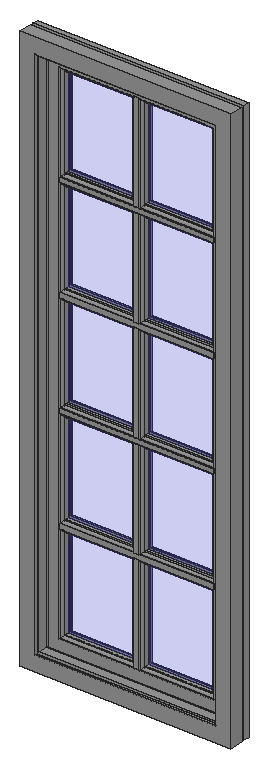
Revit family "MA1SP LH", category Windows, host Wall, Revit 2015
Parameters (values of type "MA1SP LH")
  Height = 1461 mm
  Default Lintel Height = 2100 mm
  Wall Closure = By host
  Width = 542 mm
Reference planes
  plane 1 "Center (Front/Back)": y = 0
  plane 2 "Center (Left/Right)": x = 0
  plane 3 "Left": x = -271
  plane 4 "Right": x = 271
  plane 5 "Sill": z = 639
  plane 6 "Head": z = 2100
  plane 7 "Exterior": y = 100
  plane 8 "Interior": y = -100
  plane 9: y = -28.5
  plane 10: y = 23.5
Forms (mm)
  Sweep 1, solid, material "Lauan, Meranti"
    path origin (0, 100, 0) x (1, 0, 0) y (0, 0, 1)
      loop
        line (271, 2100) -> (-271, 2100) -> (-271, 639) -> (271, 639) -> (271, 2100)
    profile origin (0, 100, 2100) x (0, 0, -1) y (0, -1, 0)
      loop
        line (0, 71.5) -> (29, 71.5) -> (29, 96.5) -> (37.5, 96.5) -> (37.5, 102.5) -> (40.5, 102.5) -> (40.5, 96.5) -> (44, 96.5) -> (44, 122.5) -> (39, 122.5) -> (39, 128.5) -> (0, 128.5) -> (0, 94.5) -> (10, 94.5) -> (10, 86.5) -> (0, 86.5) -> (0, 71.5)
  Sweep 2, solid, material "Rubber"
    path origin (0, 100, 0) x (1, 0, 0) y (0, 0, 1)
      loop
        line (233.5, 2062.5) -> (-233.5, 2062.5) -> (-233.5, 676.5) -> (233.5, 676.5) -> (233.5, 2062.5)
    profile origin (0, 100, 2062.5) x (0, 0, -1) y (0, -1, 0)
      loop
        line (1.5, 91.5) -> (6.5, 93.5) -> (6.5, 96.5) -> (2.5, 96.5) -> (2.5, 98.93) -> (3.5, 98.93) -> (2.5, 99.198) -> (2.5, 100.964) -> (3.5, 100.964) -> (1.5, 101.5) -> (-0.5, 100.964) -> (0.5, 100.964) -> (0.5, 99.198) -> (-0.5, 98.93) -> (0.5, 98.93) -> (0.5, 96.5) -> (-3.5, 96.5) -> (-3.5, 93.5) -> (1.5, 91.5)
  Sweep 3, solid, material "Lauan, Meranti"
    path origin (0, 100, 0) x (1, 0, 0) y (0, 0, 1)
      loop
        line (242, 2071) -> (-242, 2071) -> (-242, 668) -> (242, 668) -> (242, 2071)
    profile origin (0, 100, 2071) x (0, 0, -1) y (0, -1, 0)
      loop
        arc (-5, 57.5) -> (-3.242, 53.257) -> (1, 51.5) r 6
        line (1, 51.5) -> (43, 51.5) -> (43, 76.5) -> (52, 76.5) -> (52, 84.5) -> (49, 84.5)
        arc (49, 84.5) -> (47.243, 88.743) -> (43, 90.5) r 6
        line (43, 90.5) -> (43, 93.5) -> (10, 93.5) -> (10, 89.5) -> (12, 89.5) -> (12, 84.5) -> (14, 83.964) -> (14, 79.036) -> (12, 78.5) -> (12, 71.5) -> (-5, 71.5) -> (-5, 57.5)
  Extrusion 4, solid, material "Lauan, Meranti"
    sketch origin (-0.311, 25, 184.173) x (1, 0, 0) y (0, 1, 0)
      loop
        line (-6.5, 23.5) -> (-6.5, -1.5) -> (-15.5, -1.5) -> (-15.5, -9.5) -> (-12.5, -9.5)
        arc (-12.5, -9.5) -> (-10.743, -13.743) -> (-6.5, -15.5) r 6
        line (-6.5, -15.5) -> (-6.5, -18.5) -> (6.5, -18.5) -> (6.5, -15.5)
        arc (6.5, -15.5) -> (10.743, -13.743) -> (12.5, -9.5) r 6
        line (12.5, -9.5) -> (15.5, -9.5) -> (15.5, -1.5) -> (6.5, -1.5) -> (6.5, 23.5) -> (-6.5, 23.5)
    from 1590.827 to 1843.827
  Extrusion 5, solid, material "Lauan, Meranti"
    sketch origin (-270.924, 0, -15.839) x (0, -1, 0) y (0, 0, 1)
      loop
        line (-48.5, 1777.838) -> (-23.5, 1777.838) -> (-23.5, 1768.838) -> (-15.5, 1768.838) -> (-15.5, 1771.838)
        arc (-15.5, 1771.838) -> (-11.257, 1773.596) -> (-9.5, 1777.838) r 6
        line (-9.5, 1777.838) -> (-6.5, 1777.838) -> (-6.5, 1790.838) -> (-9.5, 1790.838)
        arc (-9.5, 1790.838) -> (-11.257, 1795.081) -> (-15.5, 1796.838) r 6
        line (-15.5, 1796.838) -> (-15.5, 1799.838) -> (-23.5, 1799.838) -> (-23.5, 1790.838) -> (-48.5, 1790.838) -> (-48.5, 1777.838)
      loop
        line (-48.5, 1511.838) -> (-23.5, 1511.838) -> (-23.5, 1502.838) -> (-15.5, 1502.838) -> (-15.5, 1505.838)
        arc (-15.5, 1505.838) -> (-11.257, 1507.596) -> (-9.5, 1511.838) r 6
        line (-9.5, 1511.838) -> (-6.5, 1511.838) -> (-6.5, 1524.838) -> (-9.5, 1524.838)
        arc (-9.5, 1524.838) -> (-11.257, 1529.081) -> (-15.5, 1530.838) r 6
        line (-15.5, 1530.838) -> (-15.5, 1533.838) -> (-23.5, 1533.838) -> (-23.5, 1524.838) -> (-48.5, 1524.838) -> (-48.5, 1511.838)
      loop
        line (-48.5, 1245.838) -> (-23.5, 1245.838) -> (-23.5, 1236.838) -> (-15.5, 1236.838) -> (-15.5, 1239.838)
        arc (-15.5, 1239.838) -> (-11.257, 1241.596) -> (-9.5, 1245.838) r 6
        line (-9.5, 1245.838) -> (-6.5, 1245.838) -> (-6.5, 1258.838) -> (-9.5, 1258.838)
        arc (-9.5, 1258.838) -> (-11.257, 1263.081) -> (-15.5, 1264.838) r 6
        line (-15.5, 1264.838) -> (-15.5, 1267.838) -> (-23.5, 1267.838) -> (-23.5, 1258.838) -> (-48.5, 1258.838) -> (-48.5, 1245.838)
      loop
        line (-48.5, 979.838) -> (-23.5, 979.838) -> (-23.5, 970.838) -> (-15.5, 970.838) -> (-15.5, 973.838)
        arc (-15.5, 973.838) -> (-11.257, 975.596) -> (-9.5, 979.838) r 6
        line (-9.5, 979.838) -> (-6.5, 979.838) -> (-6.5, 992.838) -> (-9.5, 992.838)
        arc (-9.5, 992.838) -> (-11.257, 997.081) -> (-15.5, 998.838) r 6
        line (-15.5, 998.838) -> (-15.5, 1001.838) -> (-23.5, 1001.838) -> (-23.5, 992.838) -> (-48.5, 992.838) -> (-48.5, 979.838)
    from -469.924 to -71.925
  Extrusion 6, solid, material "Lauan, Meranti"
    sketch origin (-0.311, 25, -81.827) x (1, 0, 0) y (0, 1, 0)
      loop
        line (-6.5, 23.5) -> (-6.5, -1.5) -> (-15.5, -1.5) -> (-15.5, -9.5) -> (-12.5, -9.5)
        arc (-12.5, -9.5) -> (-10.743, -13.743) -> (-6.5, -15.5) r 6
        line (-6.5, -15.5) -> (-6.5, -18.5) -> (6.5, -18.5) -> (6.5, -15.5)
        arc (6.5, -15.5) -> (10.743, -13.743) -> (12.5, -9.5) r 6
        line (12.5, -9.5) -> (15.5, -9.5) -> (15.5, -1.5) -> (6.5, -1.5) -> (6.5, 23.5) -> (-6.5, 23.5)
    from 1590.827 to 1843.827
  Extrusion 7, solid, material "Lauan, Meranti"
    sketch origin (-0.311, 25, -347.827) x (1, 0, 0) y (0, 1, 0)
      loop
        line (-6.5, 23.5) -> (-6.5, -1.5) -> (-15.5, -1.5) -> (-15.5, -9.5) -> (-12.5, -9.5)
        arc (-12.5, -9.5) -> (-10.743, -13.743) -> (-6.5, -15.5) r 6
        line (-6.5, -15.5) -> (-6.5, -18.5) -> (6.5, -18.5) -> (6.5, -15.5)
        arc (6.5, -15.5) -> (10.743, -13.743) -> (12.5, -9.5) r 6
        line (12.5, -9.5) -> (15.5, -9.5) -> (15.5, -1.5) -> (6.5, -1.5) -> (6.5, 23.5) -> (-6.5, 23.5)
    from 1590.827 to 1843.827
  Extrusion 8, solid, material "Lauan, Meranti"
    sketch origin (-0.311, 25, -613.827) x (1, 0, 0) y (0, 1, 0)
      loop
        line (-6.5, 23.5) -> (-6.5, -1.5) -> (-15.5, -1.5) -> (-15.5, -9.5) -> (-12.5, -9.5)
        arc (-12.5, -9.5) -> (-10.743, -13.743) -> (-6.5, -15.5) r 6
        line (-6.5, -15.5) -> (-6.5, -18.5) -> (6.5, -18.5) -> (6.5, -15.5)
        arc (6.5, -15.5) -> (10.743, -13.743) -> (12.5, -9.5) r 6
        line (12.5, -9.5) -> (15.5, -9.5) -> (15.5, -1.5) -> (6.5, -1.5) -> (6.5, 23.5) -> (-6.5, 23.5)
    from 1590.827 to 1843.827
  Extrusion 9, solid, material "Lauan, Meranti"
    sketch origin (-0.311, 25, -879.827) x (1, 0, 0) y (0, 1, 0)
      loop
        line (-6.5, 23.5) -> (-6.5, -1.5) -> (-15.5, -1.5) -> (-15.5, -9.5) -> (-12.5, -9.5)
        arc (-12.5, -9.5) -> (-10.743, -13.743) -> (-6.5, -15.5) r 6
        line (-6.5, -15.5) -> (-6.5, -18.5) -> (6.5, -18.5) -> (6.5, -15.5)
        arc (6.5, -15.5) -> (10.743, -13.743) -> (12.5, -9.5) r 6
        line (12.5, -9.5) -> (15.5, -9.5) -> (15.5, -1.5) -> (6.5, -1.5) -> (6.5, 23.5) -> (-6.5, 23.5)
    from 1590.828 to 1843.827
  Extrusion 10, solid, material "Glass"
    sketch origin (-10500, 23.5, 2100) x (0, 0, -1) y (-1, 0, 0)
      loop
        line (72, -10699) -> (325, -10699) -> (325, -10506.189) -> (72, -10506.189) -> (72, -10699)
      loop
        line (72, -10493.189) -> (325, -10493.189) -> (325, -10301) -> (72, -10301) -> (72, -10493.189)
      loop
        line (338, -10699) -> (591, -10699) -> (591, -10506.189) -> (338, -10506.189) -> (338, -10699)
      loop
        line (338, -10493.189) -> (591, -10493.189) -> (591, -10301) -> (338, -10301) -> (338, -10493.189)
      loop
        line (604, -10699) -> (857, -10699) -> (857, -10506.189) -> (604, -10506.189) -> (604, -10699)
      loop
        line (604, -10493.189) -> (857, -10493.189) -> (857, -10301) -> (604, -10301) -> (604, -10493.189)
      loop
        line (870, -10699) -> (1123, -10699) -> (1123, -10506.189) -> (870, -10506.189) -> (870, -10699)
      loop
        line (870, -10493.189) -> (1123, -10493.189) -> (1123, -10301) -> (870, -10301) -> (870, -10493.189)
      loop
        line (1136, -10699) -> (1389, -10699) -> (1389, -10506.189) -> (1136, -10506.189) -> (1136, -10699)
      loop
        line (1136, -10493.189) -> (1389, -10493.189) -> (1389, -10301) -> (1136, -10301) -> (1136, -10493.189)
    from 0 to 6.4
  Sweep 11, solid, material "Lauan, Meranti"
    path origin (0.01, 100, 0.011) x (1, 0, 0) y (0, 0, 1)
      loop
        line (198.989, 2027.989) -> (6.179, 2027.989) -> (6.179, 1774.989) -> (198.989, 1774.989) -> (198.989, 2027.989)
    profile origin (102.594, 100, 2028) x (0, 0, -1) y (0, -1, 0)
      loop
        arc (0, 62.1) -> (4.67, 63.734) -> (7, 68.1) r 6.807
        line (7, 68.1) -> (9, 68.1) -> (9, 70.1) -> (0, 70.1) -> (0, 62.1)
  Sweep 12, solid, material "Lauan, Meranti"
    path origin (-205.179, 100, 0.011) x (1, 0, 0) y (0, 0, 1)
      loop
        line (198.368, 2027.989) -> (6.179, 2027.989) -> (6.179, 1774.989) -> (198.368, 1774.989) -> (198.368, 2027.989)
    profile origin (-102.905, 100, 2028) x (0, 0, -1) y (0, -1, 0)
      loop
        arc (0, 62.1) -> (4.67, 63.734) -> (7, 68.1) r 6.807
        line (7, 68.1) -> (9, 68.1) -> (9, 70.1) -> (0, 70.1) -> (0, 62.1)
  Sweep 13, solid, material "Lauan, Meranti"
    path origin (0.01, 100, -265.989) x (1, 0, 0) y (0, 0, 1)
      loop
        line (198.989, 2027.989) -> (6.179, 2027.989) -> (6.179, 1774.989) -> (198.989, 1774.989) -> (198.989, 2027.989)
    profile origin (102.594, 100, 1762) x (0, 0, -1) y (0, -1, 0)
      loop
        arc (0, 62.1) -> (4.67, 63.734) -> (7, 68.1) r 6.807
        line (7, 68.1) -> (9, 68.1) -> (9, 70.1) -> (0, 70.1) -> (0, 62.1)
  Sweep 14, solid, material "Lauan, Meranti"
    path origin (-205.179, 100, -265.989) x (1, 0, 0) y (0, 0, 1)
      loop
        line (198.368, 2027.989) -> (6.179, 2027.989) -> (6.179, 1774.989) -> (198.368, 1774.989) -> (198.368, 2027.989)
    profile origin (-102.905, 100, 1762) x (0, 0, -1) y (0, -1, 0)
      loop
        arc (0, 62.1) -> (4.67, 63.734) -> (7, 68.1) r 6.807
        line (7, 68.1) -> (9, 68.1) -> (9, 70.1) -> (0, 70.1) -> (0, 62.1)
  Sweep 15, solid, material "Lauan, Meranti"
    path origin (0.01, 100, -531.989) x (1, 0, 0) y (0, 0, 1)
      loop
        line (198.989, 2027.989) -> (6.179, 2027.989) -> (6.179, 1774.989) -> (198.989, 1774.989) -> (198.989, 2027.989)
    profile origin (102.594, 100, 1496) x (0, 0, -1) y (0, -1, 0)
      loop
        arc (0, 62.1) -> (4.67, 63.734) -> (7, 68.1) r 6.807
        line (7, 68.1) -> (9, 68.1) -> (9, 70.1) -> (0, 70.1) -> (0, 62.1)
  Sweep 16, solid, material "Lauan, Meranti"
    path origin (-205.179, 100, -531.989) x (1, 0, 0) y (0, 0, 1)
      loop
        line (198.368, 2027.989) -> (6.179, 2027.989) -> (6.179, 1774.989) -> (198.368, 1774.989) -> (198.368, 2027.989)
    profile origin (-102.905, 100, 1496) x (0, 0, -1) y (0, -1, 0)
      loop
        arc (0, 62.1) -> (4.67, 63.734) -> (7, 68.1) r 6.807
        line (7, 68.1) -> (9, 68.1) -> (9, 70.1) -> (0, 70.1) -> (0, 62.1)
  Sweep 17, solid, material "Lauan, Meranti"
    path origin (0.01, 100, -797.989) x (1, 0, 0) y (0, 0, 1)
      loop
        line (198.989, 2027.989) -> (6.179, 2027.989) -> (6.179, 1774.989) -> (198.989, 1774.989) -> (198.989, 2027.989)
    profile origin (102.594, 100, 1230) x (0, 0, -1) y (0, -1, 0)
      loop
        arc (0, 62.1) -> (4.67, 63.734) -> (7, 68.1) r 6.807
        line (7, 68.1) -> (9, 68.1) -> (9, 70.1) -> (0, 70.1) -> (0, 62.1)
  Sweep 18, solid, material "Lauan, Meranti"
    path origin (-205.179, 100, -797.989) x (1, 0, 0) y (0, 0, 1)
      loop
        line (198.368, 2027.989) -> (6.179, 2027.989) -> (6.179, 1774.989) -> (198.368, 1774.989) -> (198.368, 2027.989)
    profile origin (-102.905, 100, 1230) x (0, 0, -1) y (0, -1, 0)
      loop
        arc (0, 62.1) -> (4.67, 63.734) -> (7, 68.1) r 6.807
        line (7, 68.1) -> (9, 68.1) -> (9, 70.1) -> (0, 70.1) -> (0, 62.1)
  Sweep 19, solid, material "Lauan, Meranti"
    path origin (0.01, 100, -1063.989) x (1, 0, 0) y (0, 0, 1)
      loop
        line (198.989, 2027.989) -> (6.179, 2027.989) -> (6.179, 1774.989) -> (198.989, 1774.989) -> (198.989, 2027.989)
    profile origin (102.594, 100, 964) x (0, 0, -1) y (0, -1, 0)
      loop
        arc (0, 62.1) -> (4.67, 63.734) -> (7, 68.1) r 6.807
        line (7, 68.1) -> (9, 68.1) -> (9, 70.1) -> (0, 70.1) -> (0, 62.1)
  Sweep 20, solid, material "Lauan, Meranti"
    path origin (-205.179, 100, -1063.989) x (1, 0, 0) y (0, 0, 1)
      loop
        line (198.368, 2027.989) -> (6.179, 2027.989) -> (6.179, 1774.989) -> (198.368, 1774.989) -> (198.368, 2027.989)
    profile origin (-102.905, 100, 964) x (0, 0, -1) y (0, -1, 0)
      loop
        arc (0, 62.1) -> (4.67, 63.734) -> (7, 68.1) r 6.807
        line (7, 68.1) -> (9, 68.1) -> (9, 70.1) -> (0, 70.1) -> (0, 62.1)
Lines and regions (mm)
  Opening 1
    outline origin (3500, -100, 0) x (1, 0, 0) y (0, 0, 1)
      loop
        line (-3229, 639) -> (-3229, 2100) -> (-3771, 2100) -> (-3771, 639) -> (-3229, 639)
  model lines
    curve 1: line (247, 48.5, 2076) -> (-247, 48.5, 1369.5)
    curve 2: line (-247, 48.5, 1369.5) -> (247, 48.5, 663)
Text (mm)
  text "EXTERIOR" at (-1963.203, 1332.353, 0), in view "Ref. Level"
  text "INTERIOR" at (-1981.466, -818.386, 0), in view "Ref. Level"
  text "Exterior" at (0, 923.751, 2943.296), in view "Right"
  text "Exterior" at (0, 1040.484, 2685.409), in view "Left"
Dimensions and locks
  equal spacing: plane 3 "Left", plane 2 "Center (Left/Right)", plane 4 "Right"
  "Width": plane 3 "Left" to plane 4 "Right"
  "Height": plane 5 "Sill" to plane 6 "Head"
  "Default Lintel Height": plane 6 "Head" to level
  locked: plane 7 "Exterior" to host wall at 0
  locked: plane 8 "Interior" to host wall
  locked: plane 10 to plane 9 at 52
  aligned and locked: Sweep 1 sketch curve to host wall  (x4)
  aligned and locked: Sweep 2 sketch curve to Sweep 1  (x4)
  aligned and locked: Sweep 3 sketch curve to Sweep 1  (x4)
  aligned and locked: Sweep 3 sketch curve to Sweep 2
  aligned and locked: Extrusion 5 to Sweep 3  (x2)
  aligned and locked: Extrusion 4 to Sweep 3
  aligned and locked: Extrusion 4 to Extrusion 5
  aligned and locked: Extrusion 9 to Sweep 3
  aligned and locked: Extrusion 8 to Extrusion 5  (x2)
  aligned and locked: Extrusion 7 to Extrusion 5
  aligned and locked: Extrusion 6 to Extrusion 5  (x2)
  aligned and locked: Extrusion 10 sketch curve to Sweep 3  (x2)
  aligned and locked: Sweep 3 to Extrusion 10 sketch curve  (x2)
  aligned and locked: Extrusion 10 sketch curve to Extrusion 4  (x4)
  aligned and locked: Extrusion 10 sketch curve to Extrusion 5  (x16)
  aligned and locked: Extrusion 10 sketch curve to Extrusion 6  (x4)
  aligned and locked: Extrusion 10 sketch curve to Extrusion 7  (x4)
  aligned and locked: Extrusion 10 sketch curve to Extrusion 8  (x4)
  aligned and locked: Extrusion 10 sketch curve to Extrusion 9  (x4)
  aligned and locked: Sweep 11 sketch curve to Sweep 3  (x2)
  aligned and locked: Sweep 11 sketch curve to Extrusion 10
  aligned and locked: Sweep 11 sketch curve to Extrusion 4
  aligned and locked: Sweep 12 sketch curve to Sweep 3  (x2)
  aligned and locked: Sweep 12 sketch curve to Extrusion 4
  aligned and locked: Sweep 12 sketch curve to Extrusion 5
  aligned and locked: Sweep 13 sketch curve to Extrusion 5  (x2)
  aligned and locked: Sweep 13 sketch curve to Sweep 3
  aligned and locked: Sweep 13 sketch curve to Extrusion 6
  aligned and locked: Sweep 14 sketch curve to Extrusion 5  (x2)
  aligned and locked: Sweep 14 sketch curve to Extrusion 6
  aligned and locked: Sweep 14 sketch curve to Sweep 3
  aligned and locked: Sweep 15 sketch curve to Extrusion 5  (x2)
  aligned and locked: Sweep 15 sketch curve to Sweep 3
  aligned and locked: Sweep 15 sketch curve to Extrusion 7
  aligned and locked: Sweep 16 sketch curve to Extrusion 5  (x2)
  aligned and locked: Sweep 16 sketch curve to Extrusion 7
  aligned and locked: Sweep 16 sketch curve to Sweep 3
  aligned and locked: Sweep 17 sketch curve to Extrusion 5  (x2)
  aligned and locked: Sweep 17 sketch curve to Sweep 3
  aligned and locked: Sweep 17 sketch curve to Extrusion 8
  aligned and locked: Sweep 18 sketch curve to Extrusion 5  (x2)
  aligned and locked: Sweep 18 sketch curve to Extrusion 8
  aligned and locked: Sweep 18 sketch curve to Sweep 3
  aligned and locked: Sweep 19 sketch curve to Extrusion 5
  aligned and locked: Sweep 19 sketch curve to Sweep 3  (x2)
  aligned and locked: Sweep 19 sketch curve to Extrusion 9
  aligned and locked: Sweep 20 sketch curve to Extrusion 5
  aligned and locked: Sweep 20 sketch curve to Extrusion 9
  aligned and locked: Sweep 20 sketch curve to Sweep 3  (x2)
Automatic sketch dimensions
  plane 3 "Left" to Opening 1 sketch curve = 0 mm
  plane 4 "Right" to Opening 1 sketch curve = 0 mm
  Opening 1 sketch curve to plane 5 "Sill" = 0 mm
  Opening 1 sketch curve to plane 6 "Head" = 0 mm
  Sweep 1 sketch curve to profile plane = 0 mm  (x2)
  Sweep 1 sketch curve to profile plane = 10 mm
  Sweep 1 sketch curve to Sweep 1 sketch curve = 19 mm
  Sweep 1 sketch curve to Sweep 1 sketch curve = 8.5 mm
  Sweep 1 sketch curve to Sweep 1 sketch curve = 1.5 mm
  Sweep 1 sketch curve to Sweep 1 sketch curve = 3 mm
  Sweep 1 sketch curve to Sweep 1 sketch curve = 3.5 mm
  plane 7 "Exterior" to Sweep 1 sketch curve = 71.5 mm
  Sweep 1 sketch curve to Sweep 1 sketch curve = 15 mm
  Sweep 1 sketch curve to Sweep 1 sketch curve = 8 mm
  Sweep 1 sketch curve to Sweep 1 sketch curve = 25 mm
  Sweep 1 sketch curve to Sweep 1 sketch curve = 0 mm
  Sweep 1 sketch curve to Sweep 1 sketch curve = 6 mm
  Sweep 1 sketch curve to Sweep 1 sketch curve = 20 mm
  Sweep 1 sketch curve to Sweep 1 sketch curve = 34 mm
  profile plane to Sweep 2 sketch curve = 3.5 mm
  profile plane to Sweep 2 sketch curve = 0.5 mm  (x2)
  Sweep 2 sketch curve to profile plane = 0.5 mm
  Sweep 2 sketch curve to Sweep 2 sketch curve = 0 mm  (x2)
  Sweep 2 sketch curve to profile plane = 1.5 mm
  Sweep 2 sketch curve to Sweep 2 sketch curve = 1 mm  (x4)
  Sweep 2 sketch curve to Sweep 2 sketch curve = 2 mm  (x3)
  Sweep 2 sketch curve to Sweep 2 sketch curve = 4 mm
  plane 7 "Exterior" to Sweep 2 sketch curve = 91.5 mm
  Sweep 2 sketch curve to Sweep 2 sketch curve = 3 mm  (x2)
  Sweep 2 sketch curve to Sweep 2 sketch curve = 2.43 mm
  Sweep 2 sketch curve to Sweep 2 sketch curve = 0.268 mm  (x2)
  Sweep 2 sketch curve to Sweep 2 sketch curve = 1.766 mm  (x2)
  Sweep 2 sketch curve to Sweep 2 sketch curve = 0.536 mm
  profile plane to Sweep 3 sketch curve = 5 mm
  Sweep 3 sketch curve to profile plane = 1 mm
  Sweep 3 sketch curve to profile plane = 10 mm
  Sweep 3 sketch curve to Sweep 3 sketch curve = 2 mm  (x2)
  Sweep 3 sketch curve to profile plane = 12 mm
  Sweep 3 sketch curve to Sweep 3 sketch curve = 31 mm
  Sweep 3 sketch curve to Sweep 3 sketch curve = 0 mm
  Sweep 3 sketch curve to Sweep 3 sketch curve = 6 mm
  Sweep 3 sketch curve to Sweep 3 sketch curve = 3 mm  (x2)
  Sweep 3 sketch curve to Sweep 3 sketch curve = 4 mm
  Sweep 3 sketch curve to Sweep 3 sketch curve = 5 mm
  Sweep 3 sketch curve to Sweep 3 sketch curve = 0.536 mm  (x2)
  Sweep 3 sketch curve to Sweep 3 sketch curve = 4.928 mm
  Sweep 3 sketch curve to Sweep 3 sketch curve = 8 mm
  Sweep 3 sketch curve to Sweep 3 sketch curve = 7 mm
  Sweep 3 sketch curve to Sweep 3 sketch curve = 14 mm
  curve 1 to plane 3 "Left" = 24 mm
  curve 2 to plane 5 "Sill" = 730.5 mm
  plane 4 "Right" to curve 2 = 24 mm
  plane 4 "Right" to curve 1 = 24 mm
  curve 2 to plane 5 "Sill" = 24 mm
  plane 6 "Head" to curve 1 = 24 mm
  Extrusion 4 sketch curve to plane 10 = 0 mm  (x2)
  plane 2 "Center (Left/Right)" to Extrusion 4 sketch curve = 15.811 mm
  Extrusion 4 sketch curve to Extrusion 4 sketch curve = 3 mm  (x3)
  plane 2 "Center (Left/Right)" to Extrusion 4 sketch curve = 6.811 mm  (x2)
  Extrusion 4 sketch curve to plane 2 "Center (Left/Right)" = 6.189 mm  (x2)
  Extrusion 4 sketch curve to Extrusion 4 sketch curve = 6 mm
  Extrusion 4 sketch curve to plane 10 = 8 mm  (x2)
  Extrusion 4 sketch curve to Extrusion 4 sketch curve = 25 mm
  Extrusion 5 sketch curve to plane 10 = 0 mm  (x8)
  Extrusion 5 sketch curve to Extrusion 5 sketch curve = 25 mm  (x4)
  Extrusion 5 sketch curve to plane 10 = 8 mm  (x8)
  Extrusion 5 sketch curve to Extrusion 5 sketch curve = 6 mm  (x8)
  Extrusion 5 sketch curve to Extrusion 5 sketch curve = 3 mm  (x12)
  Extrusion 5 sketch curve to plane 5 "Sill" = 316 mm
  Extrusion 5 sketch curve to Extrusion 5 sketch curve = 0 mm  (x4)
  Extrusion 5 sketch curve to Extrusion 5 sketch curve = 13 mm  (x6)
  Extrusion 5 sketch curve to Extrusion 5 sketch curve = 235 mm  (x3)
  Extrusion 5 sketch curve to Extrusion 5 sketch curve = 9 mm  (x2)
  Extrusion 6 sketch curve to plane 10 = 0 mm  (x2)
  plane 2 "Center (Left/Right)" to Extrusion 6 sketch curve = 15.811 mm
  Extrusion 6 sketch curve to Extrusion 6 sketch curve = 3 mm  (x3)
  plane 2 "Center (Left/Right)" to Extrusion 6 sketch curve = 6.811 mm  (x2)
  Extrusion 6 sketch curve to plane 2 "Center (Left/Right)" = 6.189 mm  (x2)
  Extrusion 6 sketch curve to Extrusion 6 sketch curve = 6 mm
  Extrusion 6 sketch curve to plane 10 = 8 mm  (x2)
  Extrusion 6 sketch curve to Extrusion 6 sketch curve = 25 mm
  Extrusion 7 sketch curve to plane 10 = 0 mm  (x2)
  plane 2 "Center (Left/Right)" to Extrusion 7 sketch curve = 15.811 mm
  Extrusion 7 sketch curve to Extrusion 7 sketch curve = 3 mm  (x3)
  plane 2 "Center (Left/Right)" to Extrusion 7 sketch curve = 6.811 mm  (x2)
  Extrusion 7 sketch curve to plane 2 "Center (Left/Right)" = 6.189 mm  (x2)
  Extrusion 7 sketch curve to Extrusion 7 sketch curve = 6 mm
  Extrusion 7 sketch curve to plane 10 = 8 mm  (x2)
  Extrusion 7 sketch curve to Extrusion 7 sketch curve = 25 mm
  Extrusion 8 sketch curve to plane 10 = 0 mm  (x2)
  plane 2 "Center (Left/Right)" to Extrusion 8 sketch curve = 15.811 mm
  Extrusion 8 sketch curve to Extrusion 8 sketch curve = 3 mm  (x3)
  plane 2 "Center (Left/Right)" to Extrusion 8 sketch curve = 6.811 mm  (x2)
  Extrusion 8 sketch curve to plane 2 "Center (Left/Right)" = 6.189 mm  (x2)
  Extrusion 8 sketch curve to Extrusion 8 sketch curve = 6 mm
  Extrusion 8 sketch curve to plane 10 = 8 mm
  Extrusion 8 sketch curve to Extrusion 8 sketch curve = 8 mm
  plane 10 to Extrusion 8 sketch curve = 25 mm
  Extrusion 9 sketch curve to plane 10 = 0 mm  (x2)
  plane 2 "Center (Left/Right)" to Extrusion 9 sketch curve = 15.811 mm
  Extrusion 9 sketch curve to Extrusion 9 sketch curve = 3 mm  (x3)
  plane 2 "Center (Left/Right)" to Extrusion 9 sketch curve = 6.811 mm  (x2)
  Extrusion 9 sketch curve to plane 2 "Center (Left/Right)" = 6.189 mm  (x2)
  Extrusion 9 sketch curve to Extrusion 9 sketch curve = 6 mm
  Extrusion 9 sketch curve to Extrusion 9 sketch curve = 8 mm  (x2)
  plane 10 to Extrusion 9 sketch curve = 25 mm
  Sweep 11 sketch curve to profile plane = 0 mm
  Sweep 11 sketch curve to profile plane = 0.241 mm
  Sweep 11 sketch curve to Sweep 11 sketch curve = 6.759 mm
  Sweep 11 sketch curve to Sweep 11 sketch curve = 2 mm  (x2)
  profile plane to Sweep 11 sketch curve = 62.1 mm
  Sweep 11 sketch curve to Sweep 11 sketch curve = 6 mm
  Sweep 12 sketch curve to profile plane = 0 mm
  Sweep 12 sketch curve to profile plane = 0.241 mm
  Sweep 12 sketch curve to Sweep 12 sketch curve = 6.759 mm
  Sweep 12 sketch curve to Sweep 12 sketch curve = 2 mm  (x2)
  profile plane to Sweep 12 sketch curve = 62.1 mm
  Sweep 12 sketch curve to Sweep 12 sketch curve = 6 mm
  Sweep 13 sketch curve to profile plane = 0 mm
  Sweep 13 sketch curve to profile plane = 0.241 mm
  Sweep 13 sketch curve to Sweep 13 sketch curve = 6.759 mm
  Sweep 13 sketch curve to Sweep 13 sketch curve = 2 mm  (x2)
  profile plane to Sweep 13 sketch curve = 62.1 mm
  Sweep 13 sketch curve to Sweep 13 sketch curve = 6 mm
  Sweep 14 sketch curve to profile plane = 0 mm
  Sweep 14 sketch curve to profile plane = 0.241 mm
  Sweep 14 sketch curve to Sweep 14 sketch curve = 6.759 mm
  Sweep 14 sketch curve to Sweep 14 sketch curve = 2 mm  (x2)
  profile plane to Sweep 14 sketch curve = 62.1 mm
  Sweep 14 sketch curve to Sweep 14 sketch curve = 6 mm
  Sweep 15 sketch curve to profile plane = 0 mm
  Sweep 15 sketch curve to profile plane = 0.241 mm
  Sweep 15 sketch curve to Sweep 15 sketch curve = 6.759 mm
  Sweep 15 sketch curve to Sweep 15 sketch curve = 2 mm  (x2)
  profile plane to Sweep 15 sketch curve = 62.1 mm
  Sweep 15 sketch curve to Sweep 15 sketch curve = 6 mm
  Sweep 16 sketch curve to profile plane = 0 mm
  Sweep 16 sketch curve to profile plane = 0.241 mm
  Sweep 16 sketch curve to Sweep 16 sketch curve = 6.759 mm
  Sweep 16 sketch curve to Sweep 16 sketch curve = 2 mm  (x2)
  profile plane to Sweep 16 sketch curve = 62.1 mm
  Sweep 16 sketch curve to Sweep 16 sketch curve = 6 mm
  Sweep 17 sketch curve to profile plane = 0 mm
  Sweep 17 sketch curve to profile plane = 0.241 mm
  Sweep 17 sketch curve to Sweep 17 sketch curve = 6.759 mm
  Sweep 17 sketch curve to Sweep 17 sketch curve = 2 mm  (x2)
  profile plane to Sweep 17 sketch curve = 62.1 mm
  Sweep 17 sketch curve to Sweep 17 sketch curve = 6 mm
  Sweep 18 sketch curve to profile plane = 0 mm
  Sweep 18 sketch curve to profile plane = 0.241 mm
  Sweep 18 sketch curve to Sweep 18 sketch curve = 6.759 mm
  Sweep 18 sketch curve to Sweep 18 sketch curve = 2 mm  (x2)
  profile plane to Sweep 18 sketch curve = 62.1 mm
  Sweep 18 sketch curve to Sweep 18 sketch curve = 6 mm
  Sweep 19 sketch curve to profile plane = 0 mm
  Sweep 19 sketch curve to profile plane = 0.241 mm
  Sweep 19 sketch curve to Sweep 19 sketch curve = 6.759 mm
  Sweep 19 sketch curve to Sweep 19 sketch curve = 2 mm  (x2)
  profile plane to Sweep 19 sketch curve = 62.1 mm
  Sweep 19 sketch curve to Sweep 19 sketch curve = 6 mm
  Sweep 20 sketch curve to profile plane = 0 mm
  Sweep 20 sketch curve to profile plane = 0.241 mm
  Sweep 20 sketch curve to Sweep 20 sketch curve = 6.759 mm
  Sweep 20 sketch curve to Sweep 20 sketch curve = 2 mm  (x2)
  profile plane to Sweep 20 sketch curve = 62.1 mm
  Sweep 20 sketch curve to Sweep 20 sketch curve = 6 mm
